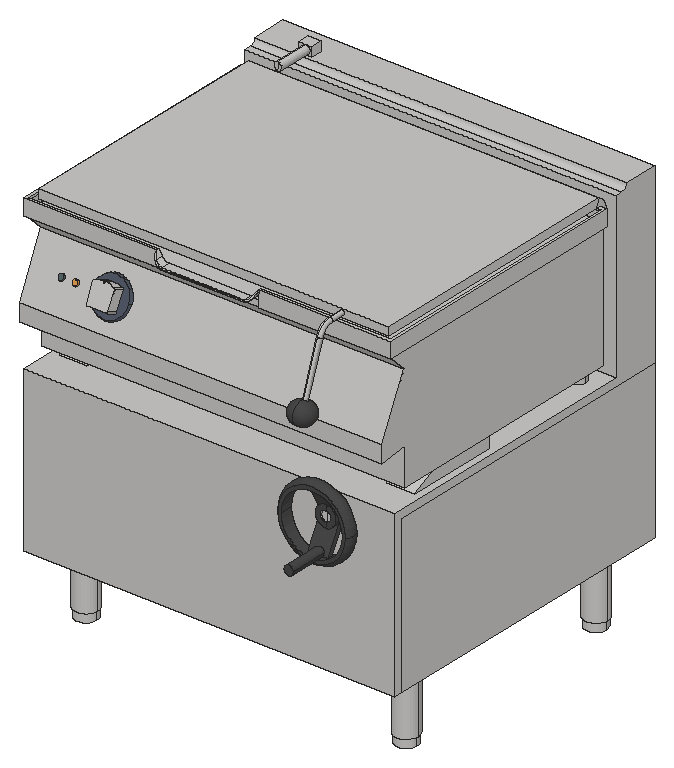
Revit family "QF_ZANUSSI_372356_Z7PPADBAME", category Specialty Equipment, Revit 2018
Family settings
  Round Connector Dimension = Use Diameter
  Part Type = Normal
  Work Plane-Based = No
  Always vertical = Yes
  Cut with Voids When Loaded = No
  Shared = No
  Room Calculation Point = No
Parameters (values of type "Standard")
  Weight = 105.00 kg
  Watts = 0 W
  Volts = 380 V
  URL Manufacturer = "http://www.zanussiprofessional.com"
  URL = "http://www.zanussiprofessional.com"
  Steam Supply Size = 0"
  Steam Supply Minimum Pressure = 0.00 psi
  Steam Supply Maximum Pressure = 0.00 psi
  Steam Pounds per Hour = 0
  Show Logo [instance] = yes
  Show Clearance [instance] = yes
  Refrigeration Suction Line Size = 0"
  Refrigeration Liquid Line Size = 0"
  Refrigerant Compressor Remote = yes
  Phase = 3
  Model = "Z7PPADBAME"
  Manufacturer = "Zanussi"
  Length Actual = 800 mm  # constant formula
  Item Number = "372356"
  Hot Water Size = 0"
  Height Actual = 850 mm  # constant formula
  HP = "12.7 HP"
  Gas Size = 0"
  Gas KW = 0
  Gas Input Pressure = 0.0 Btu/h
  Direct Waste Size = 0"
  Description = "60LT EL.TILTING BRATT PAN-DUOMAT BOTTOM (AUS)"
  Depth Actual = 700 mm  # constant formula
  Cycle = 60 Hz
  Condensate Return Size = 0"
  Compressed Air Volume = 0 GPM
  Compressed Air Size = 0"
  Compressed Air Pressure = 0.00 psi
  Cold Water Size = 3/4"
  Assembly Code = ""
  Accessory = yes
Reference planes
  plane 1 "BACK": y = 0
  plane 2: z = 0
  plane 3 "LEFT": x = 0
  plane 4 "RIGHT": x = 800
  plane 5 "FRONT": y = -828
  plane 6 "TOP": z = 887
  plane 7 "Center Y": x = 400
  plane 8 "Center X": y = -414
  plane 9 "Base": z = 150
  plane 10: y = -698.5
  plane 11: z = 502.193
  plane 12: z = 1443
  plane 13: y = -559.5
  plane 14: y = -501.5
Forms (mm)
  Revolve 1, solid, material "QF_Finishes_Stainless Steel"
    sketch origin (0, -88.9, 0) x (1, 0, 0) y (0, 0, 1)
      loop
        line (55, 0) -> (55, 150) -> (29.6, 150) -> (29.6, 19.05) -> (32.1, 19.05) -> (32.1, 0) -> (55, 0)
      axis (55, 0) -> (55, 150)
    angle from 0 to 360
  Revolve 2, solid, material "QF_Finishes_Stainless Steel"
    sketch origin (0, -598.9, 0) x (1, 0, 0) y (0, 0, 1)
      loop
        line (55, 0) -> (55, 150) -> (29.6, 150) -> (29.6, 19.05) -> (32.1, 19.05) -> (32.1, 0) -> (55, 0)
      axis (55, 0) -> (55, 150)
    angle from 0 to 360
  Revolve 3, solid, material "QF_Finishes_Stainless Steel"
    sketch origin (800, -88.9, 0) x (-1, 0, 0) y (0, 0, -1)
      loop
        line (55, 0) -> (32.1, 0) -> (32.1, -19.05) -> (29.6, -19.05) -> (29.6, -150) -> (55, -150) -> (55, 0)
      axis (55, 0) -> (55, -150)
    angle from 0 to 360
  Revolve 4, solid, material "QF_Finishes_Stainless Steel"
    sketch origin (800, -598.9, 0) x (-1, 0, 0) y (0, 0, -1)
      loop
        line (55, 0) -> (32.1, 0) -> (32.1, -19.05) -> (29.6, -19.05) -> (29.6, -150) -> (55, -150) -> (55, 0)
      axis (55, 0) -> (55, -150)
    angle from 0 to 360
  Extrusion 5, solid, material "QF_Finishes_Stainless Steel"
    sketch origin (0, 0, 150) x (-1, 0, 0) y (0, -1, 0)
      loop
        line (0, 0) -> (0, 683.5) -> (-800, 683.5) -> (-800, 0) -> (0, 0)
    from 0 to 337.193
  Extrusion 6, solid, material "QF_Finishes_Stainless Steel"
    sketch origin (0, 0, 0) x (0, 1, 0) y (0, 0, 1)
      loop
        line (0, 487.193) -> (0, 867.193) -> (-75, 867.193)
        arc (-75, 867.193) -> (-78.499, 858.747) -> (-86.945, 855.248) r 11.945
        line (-86.945, 855.248) -> (-101.945, 855.248) -> (-101.945, 502.193) -> (-698.5, 502.193) -> (-698.5, 150) -> (-683.5, 150) -> (-683.5, 487.193) -> (0, 487.193)
    from 0 to 800
  Extrusion 7, solid, material "QF_Finishes_Stainless Steel"
    sketch origin (0, 0, 0) x (0, 1, 0) y (0, 0, 1)
      loop
        line (-125.971, 533.406) -> (-125.971, 811.127) -> (-698.5, 811.127) -> (-698.5, 798.476) -> (-663.47, 763.446) -> (-720.524, 641.094) -> (-720.524, 606.094) -> (-660.971, 613.406) -> (-660.971, 533.406) -> (-125.971, 533.406)
    from 10 to 790
  Sweep 8, solid, material "QF_Finishes_Stainless Steel"
    path origin (0, 0, 150) x (-1, 0, 0) y (0, -1, 0)
      loop
        line (-510, 698.5) -> (-790, 698.5) -> (-790, 125.971) -> (-10, 125.971) -> (-10, 698.5) -> (-290, 698.5)
    profile origin (150, -698.5, 150) x (0, 1, 0) y (0, 0, 1)
      loop
        line (0, 651.359) -> (0, 681.062) -> (1, 681.062) -> (1, 685.301) -> (-5, 685.301) -> (-5, 651.359) -> (0, 651.359)
  Extrusion 9, solid, material "QF_Finishes_Stainless Steel"
    sketch origin (0, 0, 0) x (0, 1, 0) y (0, 0, 1)
      loop
        line (-129.401, 832.662) -> (-121.156, 851) -> (-686.625, 851) -> (-686.625, 832.662) -> (-129.401, 832.662)
      loop
        arc (-102.57, 826.022) -> (-109.804, 839.749) -> (-120.955, 850.539) r 49.182
        line (-120.955, 850.539) -> (-127.806, 835.301) -> (-120.971, 835.301) -> (-120.971, 821.604) -> (-102.57, 803.204) -> (-102.57, 826.022)
    from 22.259 to 777.741
  Sweep 10, solid, material "QF_Finishes_Stainless Steel"
    path origin (0, 0, 0) x (0, 1, 0) y (0, 0, 1)
      loop
        line (-686.625, 841.831) -> (-718.854, 841.831)
        arc (-718.854, 841.831) -> (-736.061, 836.406) -> (-747.044, 822.092) r 30
        line (-747.044, 822.092) -> (-785.322, 716.924)
    profile origin (0, -702.739, 841.831) x (0, 0, -1) y (1, 0, 0)
      loop
        circle (0, 676.16) r 5
  Revolve 11, solid, material "QF_Finishes_Black"
    sketch origin (676.16, 0, 0) x (0, 1, 0) y (0, 0, 1)
      loop
        line (-785.322, 716.924) -> (-792.738, 719.623)
        arc (-792.738, 719.623) -> (-818.978, 701.075) -> (-800.713, 674.638) r 22.845
        line (-800.713, 674.638) -> (-785.322, 716.924)
      axis (-785.322, 716.924) -> (-800.713, 674.638)
    angle from 0 to 360
  Revolve 12, solid, material "QF_Finishes_Black"
    sketch origin (675, 0, 0) x (0, 1, 0) y (0, 0, 1)
      loop
        line (-698.5, 467.193) -> (-698.5, 477.193) -> (-713.5, 477.193) -> (-713.5, 482.193) -> (-718.5, 482.193) -> (-718.5, 489.514) -> (-728.5, 489.514) -> (-728.5, 478.353) -> (-727.138, 478.353) -> (-727.138, 467.193) -> (-698.5, 467.193)
      axis (-698.5, 467.193) -> (-728.5, 467.193)
    angle from 0 to 360
  Sweep 13, solid, material "QF_Finishes_Black"
    path origin (0, 0, 0) x (1, 0, 0) y (0, 0, 1)
      loop
        circle (675, 467.193) r 80
    profile origin (675, 0, 547.193) x (0, 0, -1) y (0, -1, 0)
      loop
        arc (7.394, 765.784) -> (0.586, 756.102) -> (1.641, 744.313) r 17.21
        line (1.641, 744.313) -> (7.394, 740.784) -> (14.116, 740.784) -> (14.116, 765.784) -> (7.394, 765.784)
  Extrusion 14, solid, material "QF_Finishes_Black"
    sketch origin (0, 0, 0) x (0, 1, 0) y (0, 0, 1)
      loop
        line (-713.5, 457.193) -> (-713.5, 477.193) -> (-744.313, 533.065) -> (-751.622, 533.065) -> (-719.104, 474.103) -> (-719.104, 460.284) -> (-751.622, 401.321) -> (-744.313, 401.321) -> (-713.5, 457.193)
    from 654.029 to 698.392
  Extrusion 15, solid, material "QF_Finishes_Black"
    sketch origin (0, 0, 0) x (1, 0, 0) y (0, 0, 1)
      loop
        circle (675, 406.31) r 10
    from 742.86 to 828
  Extrusion 16, solid, material "QF_Finishes_Stainless Steel"
    sketch origin (0, 0, 0) x (0, 1, 0) y (0, 0, 1)
      loop
        line (-424, 533.406) -> (-560.004, 533.406) -> (-624, 502.193) -> (-424, 502.193) -> (-424, 533.406)
    from 16.63 to 76.513
  Extrusion 17, solid, material "QF_Finishes_Stainless Steel"
    sketch origin (800, 0, 0) x (0, 1, 0) y (0, 0, -1)
      loop
        line (-424, -533.406) -> (-424, -502.193) -> (-624, -502.193) -> (-560.004, -533.406) -> (-424, -533.406)
    from 16.63 to 76.513
  Extrusion 18, solid, material "QF_Finishes_Stainless Steel"
    sketch origin (0, 0, 150) x (-1, 0, 0) y (0, -1, 0)
      loop
        circle (-46.571, 145.004) r 15
      loop
        circle (-753.429, 145.004) r 15
    from 352.193 to 383.406
  Extrusion 19, solid, material "QF_Finishes_Stainless Steel"
    sketch origin (0, 0, 0) x (0, 1, 0) y (0, 0, 1)
      loop
        line (-43.387, 867.193) -> (-43.387, 887) -> (-67.444, 887) -> (-67.444, 867.193) -> (-43.387, 867.193)
    from 87.469 to 116.843
  Revolve 20, solid, material "QF_Finishes_Stainless Steel"
    sketch origin (103.25, 0, 0) x (0, 1, 0) y (0, 0, 1)
      loop
        line (-67.444, 877.097) -> (-67.444, 885.222) -> (-142.444, 885.222) -> (-142.444, 877.097) -> (-67.444, 877.097)
      axis (-142.444, 877.097) -> (-67.444, 877.097)
    angle from 0 to 360
  Extrusion 21, solid, material "QF_Finishes_Clearance", visible <- "Show Clearance", detail levels coarse
    sketch origin (0, -801.152, 398.521) x (0, 0.406737, -0.913545) y (0, 0.913545, 0.406737)
      loop
        line (-129.401, 832.662) -> (-121.156, 851) -> (-697.494, 851) -> (-697.494, 832.662) -> (-129.401, 832.662)
    from 22.259 to 777.741
  Sweep 22, solid, material "QF_Finishes_Clearance", visible <- "Show Clearance", detail levels coarse
    path origin (0, -805.573, 408.45) x (0, 0.406737, -0.913545) y (0, 0.913545, 0.406737)
      loop
        line (-686.625, 841.831) -> (-718.854, 841.831)
        arc (-718.854, 841.831) -> (-736.061, 836.406) -> (-747.044, 822.092) r 30
        line (-747.044, 822.092) -> (-785.322, 716.924)
    profile origin (0, -322.352, 1392.837) x (0, -0.913545, -0.406737) y (1, 0, 0)
      loop
        circle (0, 676.16) r 5
  Revolve 23, solid, material "QF_Finishes_Clearance", visible <- "Show Clearance", detail levels coarse
    sketch origin (676.16, -805.573, 408.45) x (0, 0.406737, -0.913545) y (0, 0.913545, 0.406737)
      loop
        line (-785.322, 716.924) -> (-792.738, 719.623)
        arc (-792.738, 719.623) -> (-818.978, 701.075) -> (-800.713, 674.638) r 22.845
        line (-800.713, 674.638) -> (-785.322, 716.924)
      axis (-785.322, 716.924) -> (-800.713, 674.638)
    angle from 0 to 360
  Extrusion 24, solid, material "QF_Finishes_Stainless Steel"
    sketch origin (0, 0, 0) x (1, 0, 0) y (0, 0, 1)
      loop
        line (510, 828.805) -> (510, 835.205) -> (502.68, 822.527)
        arc (502.68, 822.527) -> (496.677, 816.524) -> (488.477, 814.327) r 16.4
        line (488.477, 814.327) -> (311.53, 814.327)
        arc (311.53, 814.327) -> (303.324, 816.526) -> (297.316, 822.534) r 16.413
        line (297.316, 822.534) -> (290, 835.205) -> (290, 828.805) -> (294.545, 820.934)
        arc (294.545, 820.934) -> (301.724, 813.755) -> (311.53, 811.127) r 19.613
        line (311.53, 811.127) -> (488.477, 811.127)
        arc (488.477, 811.127) -> (498.277, 813.753) -> (505.452, 820.927) r 19.6
        line (505.452, 820.927) -> (510, 828.805)
    from 697.5 to 717.595
  Extrusion 25, void
    sketch origin (0, 0, 0) x (0, 1, 0) y (0, 0, 1)
      loop
        line (-720.087, 808.369) -> (-702.971, 836.16) -> (-720.087, 836.16) -> (-720.087, 808.369)
    from 290 to 510
  Extrusion 26, solid, material "QF_Finishes_Stainless Steel"
    sketch origin (0, 0, 0) x (0, 1, 0) y (0, 0, 1)
      loop
        circle (-559.5, 326) r 6.35
    from 366.631 to 389
  Extrusion 27, solid, material "QF_Finishes_Stainless Steel"
    sketch origin (0, 0, 0) x (1, 0, 0) y (0, 0, 1)
      loop
        circle (340, 221) r 3.175
    from 501.5 to 519.119
  Extrusion 28, solid, material "QF_Finishes_Clearance", visible <- "Show Clearance", detail levels coarse
    sketch origin (0, 0, 0) x (1, 0, 0) y (0, 1, 0)
      loop
        line (800, 0) -> (800, -703.5) -> (850, -703.5) -> (850, 50) -> (-50, 50) -> (-50, -703.5) -> (0, -703.5) -> (0, 0) -> (800, 0)
    from 0 to 920
  Extrusion 29, solid, material "QF_Plastic-Black-Matte"
    sketch origin (127.5, -691.997, 702.27) x (0, 0.422618, 0.906308) y (0, 0.906308, -0.422618)
      loop
        line (26.984, -34) -> (23.984, -34) -> (23.984, -35) -> (26.984, -35)
        arc (26.984, -35) -> (27.691, -34.707) -> (27.984, -34) r 1
        line (27.984, -34) -> (27.984, -19) -> (26.984, -19) -> (26.984, -34)
    from -58.5 to -56.5
  Extrusion 30, solid, material "QF_Finishes_Stainless Steel"
    sketch origin (185, -691.997, 702.27) x (-1, 0, 0) y (0, -0.422618, -0.906308)
      loop
        line (17.5, -17.5) -> (17.5, 17.5) -> (-17.5, 17.5) -> (-17.5, -17.5) -> (17.5, -17.5)
    from 5 to 10
  Extrusion 31, solid, material "QF_Finishes_Stainless Steel"
    sketch origin (185, -691.997, 702.27) x (-1, 0, 0) y (0, -0.422618, -0.906308)
      loop
        arc (-21.147, -22.789) -> (0, -26.984) -> (21.147, -22.789) r 55.4
        arc (21.147, -22.789) -> (22.494, -21.685) -> (23, -20.019) r 2.997
        line (23, -20.019) -> (23, 20.019)
        arc (23, 20.019) -> (22.122, 22.138) -> (20.003, 23.016) r 2.997
        line (20.003, 23.016) -> (-20.003, 23.016)
        arc (-20.003, 23.016) -> (-22.122, 22.138) -> (-23, 20.019) r 2.997
        line (-23, 20.019) -> (-23, -20.019)
        arc (-23, -20.019) -> (-22.494, -21.685) -> (-21.147, -22.789) r 2.997
    from 10 to 34
  Blend 32, solid, material "QF_Finishes_Navy Blue"
    base sketch origin (185, -691.997, 702.27) x (1, 0, 0) y (0, 0.422618, 0.906308)
      loop
        circle (0, 0) r 42.5
    top sketch origin (185, -691.997, 702.27) x (1, 0, 0) y (0, 0.422618, 0.906308)
      loop
        circle (0, 0) r 40.5
    from 0 to 5
  Extrusion 33, solid, material "QF_Finishes_Orange"
    sketch origin (-292.768, -846.834, 370.221) x (0, 0.422618, 0.906308) y (-1, 0, 0)
      loop
        circle (366.376, -400) r 6
    from 0 to 1.6
  Extrusion 34, solid, material "QF_Finishes_DarkGreen"
    sketch origin (-322.768, -846.834, 370.221) x (0, 0.422618, 0.906308) y (-1, 0, 0)
      loop
        circle (366.376, -400) r 6
    from 0 to 1.6
Cuts and joins
  Extrusion 25 cuts Extrusion 24
  joined: Extrusion 7, Sweep 8, Extrusion 24
Lines and regions (mm)
  Split face 1
    outline origin (185, -696.528, 704.383) x (1, 0, 0) y (0, 0.422618, 0.906308)
      loop
        arc (-0.521, 36.501) -> (-26.491, 26.394) -> (-37.708, 0.884) r 36.411
        line (-37.708, 0.884) -> (-31.708, 0.884)
        arc (-31.708, 0.884) -> (-21.998, 23.844) -> (-0.521, 36.501) r 39.733
  Split face 2
    outline origin (185, -696.528, 704.383) x (1, 0, 0) y (0, 0.422618, 0.906308)
      loop
        circle (-30.633, -14.752) r 1.5
  Split face 3
    outline origin (185, -696.528, 704.383) x (1, 0, 0) y (0, 0.422618, 0.906308)
      loop
        circle (-21.199, -26.582) r 1.5
  Split face 4
    outline origin (185, -696.528, 704.383) x (1, 0, 0) y (0, 0.422618, 0.906308)
      loop
        circle (-7.566, -33.148) r 1.5
  Split face 5
    outline origin (185, -696.528, 704.383) x (1, 0, 0) y (0, 0.422618, 0.906308)
      loop
        circle (7.566, -33.148) r 1.5
  Split face 6
    outline origin (185, -696.528, 704.383) x (1, 0, 0) y (0, 0.422618, 0.906308)
      loop
        circle (21.199, -26.582) r 1.5
  Split face 7
    outline origin (185, -696.528, 704.383) x (1, 0, 0) y (0, 0.422618, 0.906308)
      loop
        circle (30.633, -14.752) r 1.5
  Split face 8
    outline origin (185, -696.528, 704.383) x (1, 0, 0) y (0, 0.422618, 0.906308)
      loop
        circle (34, 0) r 1.5
  Split face 9
    outline origin (185, -696.528, 704.383) x (1, 0, 0) y (0, -0.422618, -0.906308)
      loop
        circle (30.633, -14.752) r 1.5
  Split face 10
    outline origin (185, -696.528, 704.383) x (1, 0, 0) y (0, -0.422618, -0.906308)
      loop
        circle (21.199, -26.582) r 1.5
  symbolic lines
    curve 1: line (0, -703.5, 150) -> (289.945, -703.5, 150)
    curve 2: line (10, -720.524, 150) -> (10, -703.5, 150)
    curve 3: line (790, -720.524, 150) -> (681.16, -720.524, 150)
    curve 4: line (790, -703.5, 150) -> (790, -720.524, 150)
    curve 5: line (289.945, -703.5, 150) -> (304.541, -717.595, 150)
    curve 6: line (304.541, -717.595, 150) -> (495.459, -717.595, 150)
    curve 7: line (510.055, -703.5, 150) -> (495.459, -717.595, 150)
    curve 8: line (510.055, -703.5, 150) -> (671.16, -703.5, 150)
    curve 9: line (11, -697.5, 150) -> (789, -697.5, 150)
    curve 10: line (11, -126.971, 150) -> (11, -697.5, 150)
    curve 11: line (789, -697.5, 150) -> (789, -126.971, 150)
    curve 12: line (5, -120.971, 150) -> (5, -703.5, 150)
    curve 13: line (0, 0, 150) -> (0, -703.5, 150)
    curve 14: line (800, -703.5, 150) -> (800, 0, 150)
    curve 15: line (795, -703.5, 150) -> (795, -120.971, 150)
    curve 16: line (0, -101.945, 150) -> (95.125, -101.945, 150)
    curve 17: line (0, -75, 150) -> (95.125, -75, 150)
    curve 18: line (5, -120.971, 150) -> (95.125, -120.971, 150)
    curve 19: line (789, -126.971, 150) -> (111.375, -126.971, 150)
    curve 20: line (95.125, -142.444, 150) -> (111.375, -142.444, 150)
    curve 21: line (95.125, -67.444, 150) -> (95.125, -142.444, 150)
    curve 22: line (111.375, -142.444, 150) -> (111.375, -67.444, 150)
    curve 23: line (87.469, -67.444, 150) -> (116.843, -67.444, 150)
    curve 24: line (87.469, -43.387, 150) -> (87.469, -67.444, 150)
    curve 25: line (116.843, -43.387, 150) -> (87.469, -43.387, 150)
    curve 26: line (116.843, -67.444, 150) -> (116.843, -43.387, 150)
    curve 27: line (111.375, -75, 150) -> (800, -75, 150)
    curve 28: line (111.375, -101.945, 150) -> (800, -101.945, 150)
    curve 29: line (111.375, -120.971, 150) -> (795, -120.971, 150)
    curve 30: line (95.125, -126.971, 150) -> (11, -126.971, 150)
    curve 31: line (90.125, -126.971, 150) -> (90.125, -139.636, 150)
    curve 32: line (116.375, -126.971, 150) -> (116.375, -139.636, 150)
    curve 33: arc (90.125, -139.636, 150) -> (103.25, -152.761, 150) -> (116.375, -139.636, 150) r 13.125
    curve 34: spline (676.16, -792.738, 150) -> (677.763, -792.583, 150) -> (679.3, -792.125, 150) -> (680.705, -791.384, 150) -> (681.921, -790.39, 150) -> (682.897, -789.184, 150) -> (683.591, -787.817, 150) -> (683.976, -786.346, 150) -> (684.034, -784.833, 150) -> (683.764, -783.339, 150) -> (683.176, -781.929, 150) -> (682.296, -780.66, 150) -> (681.16, -779.586, 150)
    curve 35: spline (681.16, -785.322, 150) -> (681.117, -785.936, 150) -> (680.99, -786.539, 150) -> (680.78, -787.12, 150) -> (680.49, -787.672, 150) -> (680.127, -788.183, 150) -> (679.696, -788.645, 150) -> (679.204, -789.05, 150) -> (678.66, -789.391, 150) -> (678.074, -789.663, 150) -> (677.454, -789.861, 150) -> (676.813, -789.981, 150) -> (676.16, -790.021, 150)
    curve 36: spline (676.16, -790.021, 150) -> (675.507, -789.981, 150) -> (674.866, -789.861, 150) -> (674.247, -789.663, 150) -> (673.66, -789.391, 150) -> (673.116, -789.05, 150) -> (672.625, -788.645, 150) -> (672.193, -788.183, 150) -> (671.83, -787.672, 150) -> (671.541, -787.12, 150) -> (671.33, -786.539, 150) -> (671.203, -785.936, 150) -> (671.16, -785.322, 150)
    curve 37: spline (671.16, -779.586, 150) -> (670.024, -780.66, 150) -> (669.144, -781.929, 150) -> (668.557, -783.339, 150) -> (668.286, -784.833, 150) -> (668.345, -786.346, 150) -> (668.729, -787.817, 150) -> (669.424, -789.184, 150) -> (670.399, -790.39, 150) -> (671.615, -791.384, 150) -> (673.02, -792.125, 150) -> (674.557, -792.583, 150) -> (676.16, -792.738, 150)
    curve 38: line (665, -828, 150) -> (685, -828, 150)
    curve 39: line (665, -816.861, 150) -> (665, -828, 150)
    curve 40: line (685, -828, 150) -> (685, -817.805, 150)
    curve 41: arc (671.16, -766.632, 150) -> (676.16, -819.318, 150) -> (681.16, -766.632, 150) r 26.58
    curve 42: line (602.394, -765.784, 150) -> (671.16, -765.784, 150)
    curve 43: line (596.641, -744.313, 150) -> (671.16, -744.313, 150)
    curve 44: line (602.394, -740.784, 150) -> (671.16, -740.784, 150)
    curve 45: line (747.606, -740.784, 150) -> (753.359, -744.313, 150)
    curve 46: arc (747.606, -765.784, 150) -> (754.475, -756.118, 150) -> (753.359, -744.313, 150) r 17.007
    curve 47: line (602.394, -740.784, 150) -> (596.641, -744.313, 150)
    curve 48: arc (602.394, -765.784, 150) -> (595.525, -756.118, 150) -> (596.641, -744.313, 150) r 17.007
    curve 49: line (664.934, -768.644, 150) -> (664.934, -765.784, 150)
    curve 50: line (685.084, -767.7, 150) -> (685.084, -765.784, 150)
    curve 51: line (671.16, -785.322, 150) -> (671.16, -697.5, 150)
    curve 52: line (681.16, -785.322, 150) -> (681.16, -697.5, 150)
    curve 53: line (681.16, -703.5, 150) -> (800, -703.5, 150)
    curve 54: line (671.16, -720.524, 150) -> (208, -720.524, 150)
    curve 55: line (681.16, -740.784, 150) -> (747.606, -740.784, 150)
    curve 56: line (681.16, -744.313, 150) -> (753.359, -744.313, 150)
    curve 57: line (681.16, -765.784, 150) -> (747.606, -765.784, 150)
    curve 58: line (654.029, -740.784, 150) -> (654.029, -720.524, 150)
    curve 59: line (698.392, -740.784, 150) -> (698.392, -720.524, 150)
    curve 60: line (22.259, -686.625, 150) -> (22.259, -126.971, 150)
    curve 61: line (22.259, -686.625, 150) -> (777.741, -686.625, 150)
    curve 62: line (777.741, -686.625, 150) -> (777.741, -126.971, 150)
    curve 63: line (162, -720.524, 150) -> (10, -720.524, 150)
    curve 64: line (0, 0, 150) -> (800, 0, 150)
    curve 68: spline (148.012, -703.5, 0) -> (148.802, -704.205, 0) -> (149.668, -704.895, 0) -> (150.608, -705.567, 0) -> (151.619, -706.22, 0) -> (152.699, -706.854, 0) -> (153.847, -707.465, 0) -> (155.059, -708.054, 0) -> (156.334, -708.619, 0) -> (157.668, -709.159, 0) -> (159.059, -709.673, 0) -> (160.504, -710.159, 0) -> (162, -710.617, 0)
    curve 69: line (162, -703.5, 0) -> (162, -731.272, 0)
    curve 70: spline (206.147, -713.18, 0) -> (204.543, -712.913, 0) -> (202.92, -712.666, 0) -> (201.279, -712.441, 0) -> (199.623, -712.238, 0) -> (197.952, -712.056, 0) -> (196.269, -711.897, 0) -> (194.576, -711.76, 0) -> (192.872, -711.645, 0) -> (191.162, -711.553, 0) -> (189.445, -711.483, 0) -> (187.724, -711.436, 0) -> (186, -711.411, 0)
    curve 71: line (208, -731.272, 0) -> (208, -703.5, 0)
    curve 72: spline (205.003, -732.538, 0) -> (205.394, -732.528, 0) -> (205.778, -732.495, 0) -> (206.15, -732.442, 0) -> (206.501, -732.369, 0) -> (206.827, -732.277, 0) -> (207.122, -732.167, 0) -> (207.381, -732.043, 0) -> (207.598, -731.905, 0) -> (207.772, -731.756, 0) -> (207.898, -731.6, 0) -> (207.974, -731.437, 0) -> (208, -731.272, 0)
    curve 73: line (164.997, -732.538, 0) -> (205.003, -732.538, 0)
    curve 74: spline (162, -731.272, 0) -> (162.026, -731.437, 0) -> (162.102, -731.6, 0) -> (162.228, -731.756, 0) -> (162.402, -731.905, 0) -> (162.619, -732.043, 0) -> (162.878, -732.167, 0) -> (163.173, -732.277, 0) -> (163.499, -732.369, 0) -> (163.85, -732.442, 0) -> (164.222, -732.495, 0) -> (164.606, -732.528, 0) -> (164.997, -732.538, 0)
    curve 75: line (184, -703.924, 0) -> (184, -713.639, 0)
    curve 76: line (186, -713.639, 0) -> (186, -703.924, 0)
    curve 77: spline (208, -710.617, 0) -> (209.496, -710.159, 0) -> (210.941, -709.673, 0) -> (212.332, -709.159, 0) -> (213.666, -708.619, 0) -> (214.941, -708.054, 0) -> (216.153, -707.465, 0) -> (217.301, -706.854, 0) -> (218.381, -706.22, 0) -> (219.392, -705.567, 0) -> (220.332, -704.895, 0) -> (221.198, -704.205, 0) -> (221.988, -703.5, 0)
    curve 78: spline (184, -711.411, 0) -> (182.276, -711.436, 0) -> (180.555, -711.483, 0) -> (178.838, -711.553, 0) -> (177.128, -711.645, 0) -> (175.424, -711.76, 0) -> (173.731, -711.897, 0) -> (172.048, -712.056, 0) -> (170.377, -712.238, 0) -> (168.721, -712.441, 0) -> (167.081, -712.666, 0) -> (165.457, -712.913, 0) -> (163.853, -713.18, 0)
  symbolic lines, style "QF-Clearances", visible <- "Show Clearance", detail levels coarse
    curve 65: line (-50, 50, 150) -> (-50, -703.5, 150)
    curve 66: line (850, 50, 150) -> (850, -703.5, 150)
    curve 67: line (850, 50, 150) -> (-50, 50, 150)
Dimensions and locks
  equal spacing: plane 3 "LEFT", plane 7 "Center Y", plane 4 "RIGHT"
  plane 3 "LEFT" to plane 4 "RIGHT" = 800 mm
  equal spacing: plane 5 "FRONT", plane 8 "Center X", plane 1 "BACK"
  plane 5 "FRONT" to plane 1 "BACK" = 828 mm
  plane 6 "TOP" to level = 887 mm
  plane 9 "Base" to level = 150 mm
  plane 1 "BACK" to plane 10 = 698.5 mm
  plane 12 to level = 1443 mm
  Extrusion 26 to plane 3 "LEFT" = 389 mm
  Extrusion 26 to plane 9 "Base" = 176 mm
  plane 13 to plane 10 = 139 mm
  plane 14 to plane 10 = 197 mm
  aligned and locked: level to plane 2
  aligned and locked: plane 4 "RIGHT" to Extrusion 6
Automatic sketch dimensions
  Revolve 11 sketch curve to plane 5 "FRONT" = 27.287 mm
  Revolve 11 sketch curve to Revolve 11 sketch curve = 0 mm  (x4)
  Revolve 11 sketch curve to Revolve 11 sketch curve = 4.229 mm
  Revolve 11 sketch curve to Revolve 11 sketch curve = 3.746 mm
  Revolve 11 sketch curve to Revolve 11 sketch curve = 7.415 mm
  plane 11 to Revolve 11 sketch curve = 172.444 mm
  Revolve 11 sketch curve to Revolve 11 sketch curve = 22.45 mm
  Extrusion 21 sketch curve to plane 12 = 68.613 mm
  plane 8 "Center X" to Extrusion 21 sketch curve = 89.827 mm
  Extrusion 21 sketch curve to Extrusion 21 sketch curve = 568.093 mm
  Extrusion 21 sketch curve to Extrusion 21 sketch curve = 8.244 mm
  Extrusion 21 sketch curve to Extrusion 21 sketch curve = 18.338 mm
  Sweep 22 sketch curve to plane 12 = 25.524 mm
  Sweep 22 sketch curve to plane 8 "Center X" = 56.05 mm
  Sweep 22 sketch curve to Sweep 22 sketch curve = 38.278 mm
  Sweep 22 sketch curve to Sweep 22 sketch curve = 28.191 mm
  Sweep 22 sketch curve to Sweep 22 sketch curve = 32.229 mm
  Sweep 22 sketch curve to Sweep 22 sketch curve = 94.908 mm
  Sweep 22 sketch curve to Sweep 22 sketch curve = 10.261 mm
  Sweep 22 sketch curve to profile plane = 0 mm
  profile plane to Sweep 22 sketch curve = 676.16 mm
  Revolve 23 sketch curve to plane 12 = 28.663 mm
  Revolve 23 sketch curve to plane 8 "Center X" = 100.94 mm
  Revolve 23 sketch curve to Revolve 23 sketch curve = 0 mm  (x4)
  Revolve 23 sketch curve to Revolve 23 sketch curve = 4.229 mm
  Revolve 23 sketch curve to Revolve 23 sketch curve = 3.746 mm
  Revolve 23 sketch curve to Revolve 23 sketch curve = 7.415 mm
  Revolve 23 sketch curve to Revolve 23 sketch curve = 22.45 mm
  Extrusion 24 sketch curve to Extrusion 24 sketch curve = 0 mm  (x4)
  Extrusion 24 sketch curve to plane 7 "Center Y" = 110 mm
  Extrusion 24 sketch curve to plane 6 "TOP" = 66.066 mm
  Extrusion 24 sketch curve to Extrusion 24 sketch curve = 4.545 mm
  Extrusion 24 sketch curve to Extrusion 24 sketch curve = 2.771 mm  (x2)
  Extrusion 24 sketch curve to Extrusion 24 sketch curve = 14.214 mm
  plane 7 "Center Y" to Extrusion 24 sketch curve = 88.477 mm
  Extrusion 24 sketch curve to Extrusion 24 sketch curve = 14.203 mm
  Extrusion 24 sketch curve to plane 6 "TOP" = 66.073 mm
  Extrusion 24 sketch curve to plane 6 "TOP" = 51.795 mm
  Extrusion 24 sketch curve to Extrusion 24 sketch curve = 7.32 mm
  Extrusion 24 sketch curve to Extrusion 24 sketch curve = 6.6 mm
  Extrusion 24 sketch curve to Extrusion 24 sketch curve = 3.2 mm
  Extrusion 24 sketch curve to Extrusion 24 sketch curve = 6.4 mm  (x2)
  Extrusion 24 sketch curve to Extrusion 24 sketch curve = 7.872 mm
  Extrusion 27 sketch curve to plane 7 "Center Y" = 60 mm
  plane 9 "Base" to Extrusion 27 sketch curve = 71 mm
  Extrusion 16 sketch curve to plane 11 = 0 mm
  plane 13 to Extrusion 16 sketch curve = 64.5 mm
  plane 13 to Extrusion 16 sketch curve = 0.504 mm
  Extrusion 16 sketch curve to plane 8 "Center X" = 10 mm
  plane 11 to Extrusion 16 sketch curve = 31.213 mm
  plane 11 to Extrusion 17 sketch curve = 0 mm
  plane 13 to Extrusion 17 sketch curve = 64.5 mm
  plane 13 to Extrusion 17 sketch curve = 0.504 mm
  Extrusion 17 sketch curve to plane 8 "Center X" = 10 mm
  plane 11 to Extrusion 17 sketch curve = 31.213 mm
  Extrusion 26 sketch curve to plane 13 = 0 mm
  plane 9 "Base" to Extrusion 26 sketch curve = 176 mm
  Revolve 1 sketch curve to plane 9 "Base" = 0 mm  (x2)
  Revolve 1 sketch curve to level = 0 mm
  plane 3 "LEFT" to Revolve 1 sketch curve = 29.6 mm
  Revolve 1 sketch curve to Revolve 1 sketch curve = 2.5 mm
  Revolve 1 sketch curve to Revolve 1 sketch curve = 25.4 mm
  Revolve 1 sketch curve to Revolve 1 sketch curve = 0 mm
  level to Revolve 1 sketch curve = 19.05 mm
  plane 9 "Base" to Revolve 1 sketch curve = 20 mm
  Revolve 2 sketch curve to plane 9 "Base" = 0 mm  (x2)
  Revolve 2 sketch curve to level = 0 mm
  plane 3 "LEFT" to Revolve 2 sketch curve = 29.6 mm
  Revolve 2 sketch curve to Revolve 2 sketch curve = 2.5 mm
  Revolve 2 sketch curve to Revolve 2 sketch curve = 25.4 mm
  Revolve 2 sketch curve to Revolve 2 sketch curve = 0 mm
  level to Revolve 2 sketch curve = 19.05 mm
  Revolve 2 sketch curve to Revolve 2 sketch curve = 20 mm
  Revolve 3 sketch curve to plane 9 "Base" = 0 mm  (x2)
  Revolve 3 sketch curve to level = 0 mm
  Revolve 3 sketch curve to plane 4 "RIGHT" = 29.6 mm
  Revolve 3 sketch curve to Revolve 3 sketch curve = 2.5 mm
  Revolve 3 sketch curve to Revolve 3 sketch curve = 25.4 mm
  Revolve 3 sketch curve to Revolve 3 sketch curve = 0 mm
  Revolve 3 sketch curve to Revolve 3 sketch curve = 20 mm
  level to Revolve 3 sketch curve = 19.05 mm
  Revolve 4 sketch curve to plane 9 "Base" = 0 mm  (x2)
  Revolve 4 sketch curve to level = 0 mm
  Revolve 4 sketch curve to plane 4 "RIGHT" = 29.6 mm
  Revolve 4 sketch curve to Revolve 4 sketch curve = 2.5 mm
  Revolve 4 sketch curve to Revolve 4 sketch curve = 25.4 mm
  Revolve 4 sketch curve to Revolve 4 sketch curve = 0 mm
  Revolve 4 sketch curve to Revolve 4 sketch curve = 20 mm
  level to Revolve 4 sketch curve = 19.05 mm
  plane 1 "BACK" to Extrusion 5 sketch curve = 0 mm
  Extrusion 5 sketch curve to plane 4 "RIGHT" = 0 mm
  Extrusion 5 sketch curve to plane 3 "LEFT" = 0 mm
  plane 10 to Extrusion 5 sketch curve = 15 mm
  Extrusion 6 sketch curve to plane 10 = 0 mm
  Extrusion 6 sketch curve to plane 9 "Base" = 0 mm
  plane 11 to Extrusion 6 sketch curve = 0 mm
  Extrusion 6 sketch curve to plane 1 "BACK" = 0 mm
  plane 10 to Extrusion 6 sketch curve = 15 mm
  plane 1 "BACK" to Extrusion 6 sketch curve = 101.945 mm
  Extrusion 6 sketch curve to Extrusion 6 sketch curve = 15 mm
  Extrusion 6 sketch curve to Extrusion 6 sketch curve = 11.945 mm
  Extrusion 6 sketch curve to plane 11 = 15 mm
  Extrusion 6 sketch curve to plane 6 "TOP" = 31.752 mm
  Extrusion 7 sketch curve to plane 10 = 0 mm
  Extrusion 7 sketch curve to plane 10 = 22.024 mm
  plane 10 to Extrusion 7 sketch curve = 35.03 mm
  plane 10 to Extrusion 7 sketch curve = 37.529 mm
  plane 11 to Extrusion 7 sketch curve = 31.213 mm
  plane 1 "BACK" to Extrusion 7 sketch curve = 125.971 mm
  Extrusion 7 sketch curve to Extrusion 7 sketch curve = 72.688 mm
  Extrusion 7 sketch curve to Extrusion 7 sketch curve = 7.312 mm
  Extrusion 7 sketch curve to Extrusion 7 sketch curve = 35 mm
  Extrusion 7 sketch curve to plane 6 "TOP" = 123.554 mm
  Extrusion 7 sketch curve to Extrusion 7 sketch curve = 35.03 mm
  Extrusion 7 sketch curve to plane 6 "TOP" = 75.873 mm
  Sweep 8 sketch curve to plane 10 = 0 mm  (x2)
  Sweep 8 sketch curve to plane 4 "RIGHT" = 10 mm
  plane 7 "Center Y" to Sweep 8 sketch curve = 110 mm
  Sweep 8 sketch curve to plane 7 "Center Y" = 110 mm
  plane 3 "LEFT" to Sweep 8 sketch curve = 10 mm
  plane 1 "BACK" to Sweep 8 sketch curve = 125.971 mm
  Sweep 8 sketch curve to profile plane = 0 mm
  profile plane to Sweep 8 sketch curve = 5 mm
  Sweep 8 sketch curve to profile plane = 1 mm
  plane 9 "Base" to Sweep 8 sketch curve = 651.359 mm
  Sweep 8 sketch curve to Sweep 8 sketch curve = 29.703 mm
  Sweep 8 sketch curve to Sweep 8 sketch curve = 4.238 mm
  plane 10 to Extrusion 9 sketch curve = 11.875 mm
  plane 1 "BACK" to Extrusion 9 sketch curve = 149.153 mm
  Extrusion 9 sketch curve to plane 6 "TOP" = 54.338 mm
  Extrusion 9 sketch curve to Extrusion 9 sketch curve = 19.752 mm
  Extrusion 9 sketch curve to plane 6 "TOP" = 51.699 mm
  Extrusion 9 sketch curve to Extrusion 9 sketch curve = 1.594 mm
  Extrusion 9 sketch curve to Extrusion 9 sketch curve = 6.65 mm
  Extrusion 9 sketch curve to Extrusion 9 sketch curve = 8.43 mm
  Extrusion 9 sketch curve to Extrusion 9 sketch curve = 0.201 mm
  Extrusion 9 sketch curve to Extrusion 9 sketch curve = 18.4 mm
  Extrusion 9 sketch curve to Extrusion 9 sketch curve = 9.278 mm
  Extrusion 9 sketch curve to Extrusion 9 sketch curve = 13.697 mm
  Extrusion 9 sketch curve to Extrusion 9 sketch curve = 22.419 mm
  Extrusion 9 sketch curve to Extrusion 9 sketch curve = 22.819 mm
  Extrusion 9 sketch curve to Extrusion 9 sketch curve = 0.461 mm
  Sweep 10 sketch curve to plane 5 "FRONT" = 42.678 mm
  Sweep 10 sketch curve to plane 10 = 48.544 mm
  Sweep 10 sketch curve to plane 10 = 20.354 mm
  plane 10 to Sweep 10 sketch curve = 11.875 mm
  Sweep 10 sketch curve to plane 6 "TOP" = 170.076 mm
  Sweep 10 sketch curve to plane 6 "TOP" = 75.169 mm
  Sweep 10 sketch curve to Sweep 10 sketch curve = 10.261 mm
  Sweep 10 sketch curve to profile plane = 0 mm
  plane 3 "LEFT" to Sweep 10 sketch curve = 676.16 mm
  Revolve 12 sketch curve to plane 10 = 0 mm
  Revolve 12 sketch curve to plane 10 = 15 mm
  Revolve 12 sketch curve to Revolve 12 sketch curve = 5 mm  (x2)
  Revolve 12 sketch curve to Revolve 12 sketch curve = 8.638 mm
  Revolve 12 sketch curve to Revolve 12 sketch curve = 1.362 mm  (x2)
  Revolve 12 sketch curve to Revolve 12 sketch curve = 15 mm
  Revolve 12 sketch curve to plane 11 = 35 mm
  Revolve 12 sketch curve to Revolve 12 sketch curve = 0 mm
  Revolve 12 sketch curve to Revolve 12 sketch curve = 10 mm
  Revolve 12 sketch curve to Revolve 12 sketch curve = 11.16 mm
  Revolve 12 sketch curve to Revolve 12 sketch curve = 7.32 mm
  Sweep 13 sketch curve to plane 11 = 35 mm
  Sweep 13 sketch curve to plane 4 "RIGHT" = 125 mm
  Sweep 13 sketch curve to profile plane = 1.641 mm
  Sweep 13 sketch curve to profile plane = 7.394 mm
  Sweep 13 sketch curve to Sweep 13 sketch curve = 5.753 mm
  Sweep 13 sketch curve to Sweep 13 sketch curve = 6.722 mm
  Sweep 13 sketch curve to Sweep 13 sketch curve = 3.093 mm
  plane 1 "BACK" to Sweep 13 sketch curve = 740.784 mm
  Sweep 13 sketch curve to Sweep 13 sketch curve = 3.53 mm
  Sweep 13 sketch curve to Sweep 13 sketch curve = 10.864 mm
  Extrusion 14 sketch curve to plane 10 = 53.122 mm  (x2)
  Extrusion 14 sketch curve to Extrusion 14 sketch curve = 7.309 mm  (x2)
  Extrusion 14 sketch curve to plane 10 = 20.604 mm
  Extrusion 14 sketch curve to Extrusion 14 sketch curve = 5.604 mm
  Extrusion 14 sketch curve to plane 11 = 100.872 mm
  Extrusion 14 sketch curve to plane 11 = 45 mm
  Extrusion 14 sketch curve to Extrusion 14 sketch curve = 3.091 mm  (x2)
  Extrusion 14 sketch curve to Extrusion 14 sketch curve = 13.819 mm
  plane 11 to Extrusion 14 sketch curve = 30.872 mm
  Extrusion 15 sketch curve to plane 4 "RIGHT" = 125 mm
  Extrusion 15 sketch curve to plane 11 = 95.884 mm
  Extrusion 18 sketch curve to plane 4 "RIGHT" = 46.571 mm
  plane 3 "LEFT" to Extrusion 18 sketch curve = 46.571 mm
  plane 1 "BACK" to Extrusion 18 sketch curve = 145.004 mm  (x2)
  Extrusion 19 sketch curve to plane 6 "TOP" = 0 mm
  Extrusion 19 sketch curve to plane 6 "TOP" = 19.807 mm
  plane 1 "BACK" to Extrusion 19 sketch curve = 67.444 mm
  Extrusion 19 sketch curve to Extrusion 19 sketch curve = 24.058 mm
  Revolve 20 sketch curve to plane 6 "TOP" = 9.903 mm
  plane 1 "BACK" to Revolve 20 sketch curve = 142.444 mm
  plane 1 "BACK" to Revolve 20 sketch curve = 67.444 mm
  Revolve 20 sketch curve to Revolve 20 sketch curve = 0 mm  (x2)
  Revolve 20 sketch curve to Revolve 20 sketch curve = 8.521 mm
  Revolve 20 sketch curve to plane 6 "TOP" = 1.778 mm
  Extrusion 25 sketch curve to plane 10 = 21.587 mm
  Extrusion 25 sketch curve to plane 10 = 4.471 mm
  Extrusion 25 sketch curve to plane 6 "TOP" = 78.631 mm
  Extrusion 25 sketch curve to Extrusion 25 sketch curve = 27.791 mm
  curve 66 to plane 10 = 5 mm
  plane 4 "RIGHT" to curve 66 = 50 mm
  curve 65 to plane 10 = 5 mm
  curve 65 to plane 3 "LEFT" = 50 mm
  curve 65 to plane 1 "BACK" = 50 mm
  Extrusion 28 sketch curve to plane 3 "LEFT" = 0 mm
  plane 1 "BACK" to Extrusion 28 sketch curve = 0 mm
  Extrusion 28 sketch curve to plane 4 "RIGHT" = 0 mm
  Extrusion 28 sketch curve to plane 3 "LEFT" = 50 mm
  plane 4 "RIGHT" to Extrusion 28 sketch curve = 50 mm
  Extrusion 28 sketch curve to plane 10 = 5 mm  (x2)
  Extrusion 28 sketch curve to plane 1 "BACK" = 50 mm
  Extrusion 29 sketch curve to plane 10 = 15.082 mm
  Extrusion 29 sketch curve to plane 6 "TOP" = 148.202 mm
  Extrusion 29 sketch curve to Extrusion 29 sketch curve = 3 mm
  Extrusion 29 sketch curve to Extrusion 29 sketch curve = 0 mm
  Extrusion 29 sketch curve to Extrusion 29 sketch curve = 1 mm  (x2)
  Extrusion 29 sketch curve to Extrusion 29 sketch curve = 15 mm
  Extrusion 30 sketch curve to plane 7 "Center Y" = 197.5 mm
  Extrusion 30 sketch curve to Extrusion 30 sketch curve = 35 mm  (x2)
  Extrusion 31 sketch curve to plane 7 "Center Y" = 192 mm
  Extrusion 31 sketch curve to Extrusion 31 sketch curve = 2.997 mm  (x3)
  Extrusion 31 sketch curve to Extrusion 31 sketch curve = 20.003 mm  (x2)
  Extrusion 31 sketch curve to Extrusion 31 sketch curve = 40.005 mm
  Extrusion 31 sketch curve to Extrusion 31 sketch curve = 0 mm  (x2)
  Extrusion 31 sketch curve to Extrusion 31 sketch curve = 40.037 mm
  Extrusion 31 sketch curve to Extrusion 31 sketch curve = 5.399 mm
  plane 3 "LEFT" to Blend 32 sketch curve = 185 mm  (x2)
  Split face 1 sketch curve to Split face 1 sketch curve = 6 mm
  Split face 1 sketch curve to Split face 1 sketch curve = 30.402 mm
  Split face 1 sketch curve to Split face 1 sketch curve = 9.201 mm
  Split face 1 sketch curve to Split face 1 sketch curve = 2.43 mm
  Split face 1 sketch curve to Split face 1 sketch curve = 0.785 mm
  plane 3 "LEFT" to Extrusion 33 sketch curve = 107.232 mm
  plane 3 "LEFT" to Extrusion 34 sketch curve = 77.232 mm
  plane 1 "BACK" to curve 64 = 0 mm
  curve 64 to plane 4 "RIGHT" = 0 mm
  plane 5 "FRONT" to curve 40 = 0 mm
  curve 13 to plane 3 "LEFT" = 0 mm
  curve 15 to plane 4 "RIGHT" = 5 mm
  curve 3 to plane 4 "RIGHT" = 10 mm
  plane 10 to curve 11 = 1 mm
  curve 4 to curve 11 = 1 mm
  curve 9 to curve 61 = 11.259 mm
  curve 3 to curve 56 = 36.641 mm
  curve 46 to curve 57 = 5.753 mm
  curve 46 to curve 55 = 5.753 mm
  curve 45 to curve 46 = 9.558 mm
  curve 46 to curve 40 = 62.606 mm
  curve 40 to curve 52 = 3.84 mm
  curve 35 to curve 41 = 5 mm
  curve 41 to curve 51 = 5 mm
  curve 38 to curve 38 = 20 mm
  curve 43 to curve 48 = 59.208 mm
  curve 47 to plane 10 = 42.284 mm
  curve 48 to curve 47 = 9.558 mm
  curve 48 to curve 42 = 9.558 mm
  curve 47 to plane 10 = 45.813 mm
  curve 44 to curve 47 = 5.753 mm
  curve 7 to plane 10 = 5 mm
  curve 43 to curve 7 = 86.586 mm
  curve 7 to curve 6 = 14.596 mm
  curve 5 to plane 10 = 19.095 mm
  curve 5 to plane 7 "Center Y" = 95.459 mm
  curve 5 to plane 10 = 5 mm
  curve 5 to curve 5 = 14.596 mm
  plane 1 "BACK" to curve 26 = 43.387 mm
  plane 3 "LEFT" to curve 26 = 116.843 mm
  curve 23 to curve 32 = 0.467 mm
  curve 32 to curve 22 = 5 mm
  curve 20 to curve 33 = 8.125 mm
  curve 21 to curve 33 = 5 mm
  curve 21 to curve 23 = 7.657 mm
  plane 3 "LEFT" to curve 60 = 22.259 mm
  plane 3 "LEFT" to curve 30 = 11 mm
  plane 3 "LEFT" to curve 63 = 10 mm
  plane 3 "LEFT" to curve 12 = 5 mm
  curve 25 to curve 26 = 24.058 mm
  curve 23 to curve 18 = 53.527 mm
  plane 1 "BACK" to curve 29 = 120.971 mm
  curve 12 to curve 30 = 6 mm
  curve 15 to curve 11 = 6 mm
  curve 32 to curve 32 = 12.666 mm
  curve 33 to curve 20 = 2.808 mm
  plane 10 to curve 61 = 11.875 mm
  curve 53 to plane 10 = 5 mm
  curve 4 to curve 3 = 17.024 mm
  curve 2 to curve 63 = 17.024 mm
  curve 55 to plane 10 = 42.284 mm
  curve 45 to curve 56 = 3.53 mm
  curve 45 to curve 46 = 10.933 mm
  curve 44 to curve 48 = 10.933 mm
  curve 57 to curve 52 = 19.539 mm
  curve 51 to curve 35 = 0 mm
  curve 35 to curve 41 = 7.415 mm
  curve 59 to curve 3 = 17.232 mm
  curve 50 to curve 57 = 3.924 mm
  curve 37 to curve 52 = 2.891 mm
  curve 34 to curve 37 = 0 mm
  curve 36 to curve 35 = 0 mm
  curve 34 to curve 41 = 0 mm
  curve 41 to curve 49 = 6.226 mm
  curve 54 to curve 58 = 17.131 mm
  curve 54 to plane 10 = 22.024 mm
  curve 1 to curve 54 = 81.945 mm
  curve 54 to curve 63 = 46 mm
  curve 22 to curve 27 = 7.556 mm
  curve 21 to curve 17 = 7.556 mm
  curve 16 to curve 18 = 19.025 mm
  curve 16 to curve 28 = 0 mm
  curve 42 to curve 41 = 0.848 mm
  curve 37 to curve 36 = 5.737 mm
  curve 34 to curve 35 = 5.737 mm
  curve 34 to curve 35 = 0 mm
  curve 35 to curve 34 = 2.717 mm
  curve 69 to plane 10 = 32.772 mm
  plane 3 "LEFT" to curve 69 = 162 mm
  curve 69 to curve 73 = 2.997 mm
  curve 73 to curve 73 = 40.005 mm
  curve 72 to curve 71 = 2.997 mm
  curve 73 to curve 74 = 1.267 mm
  curve 73 to curve 71 = 1.267 mm
  curve 68 to plane 10 = 5 mm
  curve 68 to curve 69 = 13.988 mm
  plane 10 to curve 77 = 1.972 mm
  curve 77 to curve 68 = 3.512 mm
  curve 68 to curve 77 = 0 mm  (x2)
  curve 78 to curve 74 = 32.4 mm
  curve 70 to curve 78 = 0 mm
  curve 68 to curve 78 = 1.853 mm
  curve 75 to plane 10 = 5.424 mm
  curve 69 to curve 75 = 22 mm
  curve 75 to curve 77 = 1 mm
  curve 70 to curve 72 = 17.005 mm
  curve 78 to curve 70 = 0 mm  (x2)
  curve 75 to curve 76 = 2 mm
  curve 70 to curve 77 = 1.853 mm
  curve 77 to plane 10 = 5 mm
  curve 71 to curve 77 = 13.988 mm
  curve 70 to curve 74 = 3.549 mm
  curve 76 to curve 75 = 9.715 mm
  curve 75 to curve 76 = 0 mm  (x2)
  curve 78 to plane 10 = 14.68 mm
  curve 70 to curve 77 = 2.564 mm
  curve 78 to curve 68 = 2.564 mm
  curve 71 to plane 10 = 5 mm
  curve 69 to plane 10 = 5 mm
  radius of Sweep 22 sketch curve = 5 mm
  radius of Extrusion 27 sketch curve = 3.175 mm
  radius of Extrusion 26 sketch curve = 6.35 mm
  radius of Sweep 10 sketch curve = 5 mm
  radius of Sweep 13 sketch curve = 80 mm
  radius of Extrusion 15 sketch curve = 10 mm
  radius of Extrusion 18 sketch curve = 15 mm  (x2)
  radius of Blend 32 sketch curve = 42.5 mm
  radius of Blend 32 sketch curve = 40.5 mm
  radius of Extrusion 33 sketch curve = 6 mm
  radius of Extrusion 34 sketch curve = 6 mm
  radius of Split face 2 sketch curve = 1.5 mm
  radius of Split face 3 sketch curve = 1.5 mm
  radius of Split face 4 sketch curve = 1.5 mm
  radius of Split face 5 sketch curve = 1.5 mm
  radius of Split face 6 sketch curve = 1.5 mm
  radius of Split face 7 sketch curve = 1.5 mm
  radius of Split face 8 sketch curve = 1.5 mm
  radius of Split face 9 sketch curve = 1.5 mm
  radius of Split face 10 sketch curve = 1.5 mm
Connectors
  piping at (389, -559.5, 326), diameter 12.8
    settings: on Extrusion 26, index 1, connector inside diameter 0.50394", connector length 0 mm, flow factor 0, pipe flow 0 GPM, pressure drop 0.00 psi, fitting loss kfactor 0, connector angle 0.00°, fixture units 0, engagement length 0 mm, angle of deflection 0.00°, flow configuration 1, flow direction 1, fitting loss method 0, system type 20, joint type 0, gender type 0, connector reference index -1, connector utility 0, adjustable connector no, is connector primary yes, connector description "Domestic Cold Water Inlet"
  electrical at (340, -501.5, 221), driven by "Volts"
    settings: on Extrusion 27, index 2, voltage 380 V, apparent load 9500 VA, apparent load phase1 0 VA, apparent load phase2 0 VA, apparent load phase3 0 VA, power factor 1, load classification "Other", number of poles 1, system type 30, power factor state 1, is connector primary yes, connector utility no, sub classification motor no, connector description "Electrical Connection"
